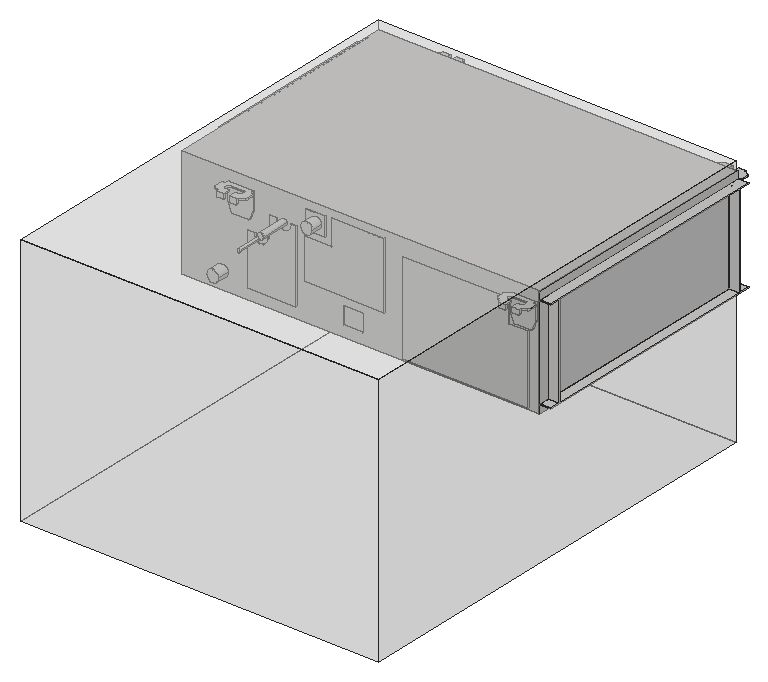
Revit family "outputfile", category 機械設備, Revit 2024
Family settings
  丸型コネクタ寸法 = 半径を使用
  パーツ タイプ = 標準
  OmniClass 番号 = 23.75.10.24.21.27.27
  OmniClass タイトル = Split System Air Conditioning Units
  作業面ベース = いいえ
  常に垂直 = はい
  ロード時にボイドで切り取り = いいえ
  注釈の向きを維持 = いいえ
  共有 = いいえ
  部屋計算ポイント = はい
Parameters (values of type "FXSA25AVM4")
  製造元 = "Daikin"
  書き出し IFC クラス(タイプ) = "IfcUnitaryEquipmentType"
  定義済み IFC タイプ(タイプ) = "AIRCONDITIONINGUNIT"
  モデル = "FXSA25AVM4"
  switch_frequency = yes
  r_Liquid Pipe Size = Liquid Pipe Size / 2  # 3.2 mm
  r_Gas Pipe Size = Gas Pipe Size / 2  # 6.35 mm
  r_Drain Pipe Size = Drain Pipe Size / 2  # 12.5 mm
  lw_power = 770.0 mm
  lh_SA = 138.0 mm
  lw_SA = if(Width = 550.0 mm, 225.0 mm, if(Width = 700.0 mm, 300.0 mm, if(Width = 1000.0 mm, 450.0 mm, if(Width = 1400.0 mm, 650.0 mm, 725.0 mm))))  # 225.0 mm
  lw_RA = if(Width = 550.0 mm, 275.0 mm, if(Width = 700.0 mm, 349.0 mm, if(Width = 1000.0 mm, 499.0 mm, if(Width = 1400.0 mm, 699.0 mm, 775.0 mm))))  # 275.0 mm
  lh_power = 60.0 mm + [h***]  # 60.0 mm
  lh_mountinghole1 = lh_mountinghole + [h***]  # 222.0 mm
  lh_RA = 123.0 mm
  ld_power = Width / 2  # 275.0 mm
  connector_voltage = Voltage_50Hz  # 220 V
  connector_powerinput = [Power Input (Cooling)]  # 0.058 kW
  connector_phase = Phase_50Hz  # 1
  Voltage_comment_60Hz = "220"
  Voltage_comment_50Hz = "220-240"
  Voltage_60Hz = 220 V
  Voltage_50Hz = 220 V
  Total Heating Capacity [instance] = 0.000 kW
  Supply Air Direction [instance] = yes
  Sound Power Level_H speed (dB) = 61
  Power Input (Heating) = 0.053 kW
  Phase_60Hz = 1
  Phase_50Hz = 1
  Nominal Heating Capacity = 3.200 kW
  Minimum External Static Pressure = 30.00 Pa
  Minimum Circuit Amps_60Hz = 0.8 A
  Minimum Circuit Amps_50Hz = 0.8 A
  Maximum Fuse Amps_60Hz = 16.0 A
  Maximum Fuse Amps_50Hz = 16.0 A
  Maximum External Static Pressure = 150.00 Pa
  Material_Casing = DAIKIN_GalvanizedSteel_Casing_indoorunit
  lw_mountinghole = 630.0 mm
  lh_gaspipe = 183.0 mm + [h***]  # 183.0 mm
  lh_mountinghole = 222.0 mm
  lh_liquidpipe = 136.0 mm + [h***]  # 136.0 mm
  lh_drainpipe = 207.0 mm + [h***]  # 207.0 mm
  lh_antena = Height - lh_mountinghole + 1.0 mm  # 24.0 mm
  ld_drainpipe = Width / 2 + 26.0 mm  # 301.0 mm
  ld_liquidpipe = 339.0 mm
  ld_gaspipe = Width / 2 + 65.0 mm  # 340.0 mm
  ld_mountinghole = Width + 38.0 mm  # 588.0 mm
  h*** = 0.0 mm
  lw_liquidpipe = 179.0 mm
  lw_gaspipe = 229.0 mm
  lw_drainpipe = 300.0 mm
  Width = 550.0 mm
  Version = "ver.1.0"
  Unit Type = "Duct_M.S.P."
  Unit Mass Weight = 25.00 kg
  Unit Designation [instance] = ""
  Uniclass2015Version = "Products v1.30"
  Uniclass2015Title = "Variable refrigerant flow units"
  Uniclass2015Code = "Pr_70_65_03_94"
  Total Cooling Capacity [instance] = 0.000 kW
  Sound Pressure Level_M speed (dBA) = 30
  Sound Pressure Level_L speed (dBA) = 28
  Sound Pressure Level_H speed (dBA) = 33
  Series = "VRV Fan Coil Unit"
  Sensible Cooling Capacity [instance] = 0.000 kW
  SA Duct Size Width = 337.0 mm
  SA Duct Size Height = 176.0 mm
  Refrigerant Type = "R32"
  RA Duct Size Width = 502.0 mm
  RA Duct Size Height = 208.0 mm
  Power Input (Cooling) = 0.058 kW
  Option Accessory 3 [instance] = ""
  Option Accessory 2 [instance] = ""
  Option Accessory 1 [instance] = ""
  Nominal Cooling Capacity = 2.800 kW
  Minimum Airflow = 390.00 m³/h
  Median Airflow = 450.00 m³/h
  Maximum Airflow = 540.00 m³/h
  Load Classification = HVAC
  Liquid Pipe Size = 6.4 mm
  Link_Nested Family [instance] = ""
  IfcVersion = ""
  IfcExportType = "AIRCONDITIONINGUNIT"
  IfcExportAs = "IfcUnitaryEquipmentType"
  Height = 245.0 mm
  Heating Entering Wet Bulb Temperature [instance] = -273.15 °C
  Heating Entering Dry Bulb Temperature [instance] = -273.15 °C
  Heating Ambient Wet Bulb Temperature [instance] = -273.15 °C
  Heating Ambient Dry Bulb Temperature [instance] = -273.15 °C
  Heat Exchanger Type = "Cross Fin Coil"
  Gas Pipe Size = 12.7 mm
  Frequency_60Hz = 60 Hz
  Frequency_50Hz = 50 Hz
  Fan Type = "Sirocco Fan"
  Fan Drive = "Direct Drive"
  FCU Tag No. [instance] = ""
  Drain Pipe Size = 25.0 mm
  Design Supply Airflow [instance] = 0.00 m³/h
  Design Return Airflow [instance] = 0.00 m³/h
  Design External Static Pressure [instance] = 0.00 Pa
  Depth = 800.0 mm
  既定の高さ = 0.0 mm
  Cooling Entering Wet Bulb Temperature [instance] = 0.00 °C
  Cooling Entering Dry Bulb Temperature [instance] = 0.00 °C
  Cooling Ambient Wet Bulb Temperature [instance] = 0.00 °C
  Cooling Ambient Dry Bulb Temperature [instance] = 0.00 °C
  Clearance visibility [instance] = yes
  Clearance Top = 20.0 mm
  Clearance Right = 0.0 mm
  Clearance Rear = 0.0 mm
  Clearance Left = 0.0 mm
  Clearance Front = 450.0 mm
  Clearance Bottom = 300.0 mm
Reference planes
  plane 1 "Center (Front/Back)": y = 0
  plane 2 "h": z = 0
  plane 3 "Center (Left/Right)": x = 0
  plane 4 "Back": y = 275
  plane 5 "Front": y = -275
  plane 6 "Left": x = -400
  plane 7 "Right": x = 400
  plane 8 "Top": z = 0
  plane 9 "Bottom": z = -245
  plane 10: y = -215
  plane 11: y = 275
  plane 12: y = -725
  plane 13: x = -400
  plane 14: x = 400
  plane 15: z = 20
  plane 16: z = -545
  plane 17: x = -400
  plane 18: x = -399
  plane 19: x = 399
  plane 20: y = 50
  plane 21: y = 0
  plane 22: z = -122
  plane 23: y = -276
  plane 24: z = -109
  plane 25: x = -221
  plane 26: y = -340
  plane 27: z = -62
  plane 28: x = -171
  plane 29: y = -301
  plane 30: z = -38
  plane 31: x = -100
  plane 32: x = -100
  plane 33: x = -221
  plane 34: x = -171
  plane 35: x = 370
  plane 36: x = -266
  plane 37: x = 364
  plane 38: y = -294
  plane 39: y = 294
  plane 40: z = -23
  plane 41: z = -107
  plane 42: y = -339
  plane 43: z = -207
  plane 44: x = -309
  plane 45: y = -376
  plane 46: x = -251
  plane 47: x = -203
  plane 48: x = -144
  plane 49: z = -59
  plane 50: z = -106
  plane 51: z = -221
  plane 52: z = -109
  plane 53: x = -221
  plane 54: z = -62
  plane 55: x = -171
  plane 56: z = -17
  plane 57: z = -59
  plane 58: x = -121
  plane 59: x = -79
  plane 60: x = -125
  plane 61: x = -64
  plane 62: x = 53
  plane 63: z = -164
  plane 64: z = -73
  plane 65: z = -16
  plane 66: x = 93.5
  plane 67: x = 374.5
  plane 68: x = 330
  plane 69: z = -88.5
  plane 70: z = -38
  plane 71: z = -242.5
  plane 72: x = -38.5
  plane 73: x = 6.5
  plane 74: z = -181
  plane 75: z = -221
  plane 76: y = -274
  plane 77: x = -424
  plane 78: x = 424
Forms (mm)
  Extrusion 1, solid, material "DAIKIN_GalvanizedSteel_Casing_indoorunit" <- "Material_Casing"
    sketch origin (0, 0, 0) x (1, 0, 0) y (0, 1, 0)
      loop
        line (-399, 275) -> (-399, -275) -> (399, -275) -> (399, 275) -> (-399, 275)
    from -245 to 0
  Extrusion 2, solid, material "DAIKIN_GalvanizedSteel_Casing_indoorunit" <- "Material_Casing"
    sketch origin (0, 0, 0) x (1, 0, 0) y (0, 0, 1)
      loop
        line (-251, -221) -> (-144, -221) -> (-144, -59) -> (-154.47, -59)
        arc (-154.47, -59) -> (-171, -78.8) -> (-187.53, -59) r 16.8
        line (-187.53, -59) -> (-203, -59) -> (-203, -106) -> (-206.916, -106)
        arc (-206.916, -106) -> (-221, -123.4) -> (-235.084, -106) r 14.4
        line (-235.084, -106) -> (-251, -106) -> (-251, -221)
    from 275 to 276
  Extrusion 3, solid, material "DAIKIN_GalvanizedSteel_Casing_indoorunit" <- "Material_Casing"
    sketch origin (0, 0, 0) x (1, 0, 0) y (0, 0, 1)
      loop
        line (-121, -17) -> (-121, -59) -> (-79, -59) -> (-79, -17) -> (-121, -17)
      loop
        line (-125, -73) -> (-125, -164) -> (53, -164) -> (53, -16) -> (-64, -16) -> (-64, -73) -> (-125, -73)
    from 275 to 276
  Extrusion 4, solid, material "DAIKIN_GalvanizedSteel_Casing_indoorunit" <- "Material_Casing"
    sketch origin (0, 0, 0) x (1, 0, 0) y (0, 0, 1)
      loop
        line (93.5, -38) -> (93.5, -242.5) -> (374.5, -242.5) -> (374.5, -88.5) -> (330, -88.5) -> (330, -38) -> (93.5, -38)
    from 275 to 276
  Extrusion 5, solid, material "DAIKIN_GalvanizedSteel_Casing_indoorunit" <- "Material_Casing"
    sketch origin (0, 0, 0) x (1, 0, 0) y (0, 0, 1)
      loop
        circle (-221, -109) r 3.2
    from 275 to 339
  Extrusion 6, solid, material "DAIKIN_GalvanizedSteel_Casing_indoorunit" <- "Material_Casing"
    sketch origin (0, 0, 0) x (1, 0, 0) y (0, 0, 1)
      loop
        circle (-171, -62) r 6.35
    from 275 to 340
  Extrusion 7, solid, material "DAIKIN_GalvanizedSteel_Casing_indoorunit" <- "Material_Casing"
    sketch origin (0, 0, 0) x (1, 0, 0) y (0, 0, 1)
      loop
        circle (-100, -38) r 12.5
    from 276 to 301
  Extrusion 8, solid, material "DAIKIN_GalvanizedSteel_Casing_indoorunit" <- "Material_Casing"
    sketch origin (0, 0, 0) x (1, 0, 0) y (0, 0, 1)
      loop
        circle (-309, -207) r 13
    from 275 to 301
  Extrusion 9, void
    sketch origin (0, 0, 0) x (1, 0, 0) y (0, 0, 1)
      loop
        line (-38.5, -181) -> (-38.5, -221) -> (6.5, -221) -> (6.5, -181) -> (-38.5, -181)
    from 274 to 275
Cuts and joins
  Extrusion 9 cuts Extrusion 1
Dimensions and locks
  "Height": plane 8 "Top" to plane 9 "Bottom"
  equal spacing: plane 4 "Back", plane 1 "Center (Front/Back)", plane 5 "Front"
  "Width": plane 4 "Back" to plane 5 "Front"
  equal spacing: plane 6 "Left", plane 3 "Center (Left/Right)", plane 7 "Right"
  "Depth": plane 6 "Left" to plane 7 "Right"
  "Clearance Left": plane 13 to plane 6 "Left"
  "Clearance Right": plane 7 "Right" to plane 14
  "Clearance Rear": plane 11 to plane 4 "Back"
  "Clearance Front": plane 5 "Front" to plane 12
  "Clearance Top": plane 15 to plane 8 "Top"
  "Clearance Bottom": plane 9 "Bottom" to plane 16
  locked: plane 17 to plane 18 at 1
  locked: plane 19 to plane 14 at 1
  "lw_SA": plane 11 to plane 20
  "lw_RA": plane 21 to plane 5 "Front"
  "lh_RA": plane 22 to plane 9 "Bottom"
  locked: plane 5 "Front" to plane 23 at 1
  "lw_liquidpipe": plane 25 to plane 6 "Left"
  "lh_liquidpipe": plane 24 to plane 9 "Bottom"
  "lh_gaspipe": plane 27 to plane 9 "Bottom"
  "lw_gaspipe": plane 28 to plane 6 "Left"
  "ld_gaspipe": plane 26 to plane 1 "Center (Front/Back)"
  "ld_drainpipe": plane 29 to plane 1 "Center (Front/Back)"
  "lh_drainpipe": plane 30 to plane 9 "Bottom"
  "lw_drainpipe": plane 31 to plane 6 "Left"
  "lw_drainpipe": plane 6 "Left" to plane 32
  "lw_liquidpipe": plane 6 "Left" to plane 33
  "lw_gaspipe": plane 6 "Left" to plane 34
  "lw_power": plane 6 "Left" to plane 35
  locked: plane 17 to plane 36 at 134
  "lw_mountinghole": plane 36 to plane 37
  equal spacing: plane 38, plane 1 "Center (Front/Back)", plane 39
  "ld_mountinghole": plane 39 to plane 38
  "lh_mountinghole": plane 40 to plane 9 "Bottom"
  "lh_SA": plane 41 to plane 9 "Bottom"
  locked: plane 44 to plane 6 "Left" at 91
  locked: plane 43 to plane 9 "Bottom" at 38
  plane 48 to plane 47 to plane 46 to plane 6 "Left" = 59.0 mm, 48.0 mm, 149.0 mm
  plane 8 "Top" to plane 49 to plane 50 to plane 51 = 59.0 mm locked, 47.0 mm locked, 115.0 mm locked
  plane 55 to plane 53 to plane 6 "Left" = 50.0 mm locked, 179.0 mm locked
  plane 54 to plane 52 to plane 9 "Bottom" = 47.0 mm locked, 136.0 mm locked
  plane 59 to plane 58 to plane 6 "Left" = 42.0 mm locked, 279.0 mm locked
  plane 8 "Top" to plane 56 to plane 57 = 17.0 mm locked, 42.0 mm locked
  plane 62 to plane 61 to plane 60 to plane 6 "Left" = 117.0 mm, 61.0 mm, 275.0 mm
  plane 8 "Top" to plane 65 to plane 64 = 16.0 mm locked, 57.0 mm locked
  locked: plane 65 to plane 63 at 148
  plane 8 "Top" to plane 70 to plane 69 to plane 71 = 38.0 mm locked, 50.5 mm locked, 154.0 mm locked
  plane 67 to plane 68 to plane 66 to plane 6 "Left" = 44.5 mm locked, 236.5 mm locked, 493.5 mm locked
  plane 8 "Top" to plane 74 to plane 75 = 181.0 mm locked, 40.0 mm locked
  plane 73 to plane 72 to plane 6 "Left" = 45.0 mm, 361.5 mm
  locked: plane 76 to plane 5 "Front" at 1
  locked: plane 77 to plane 17 at 24
  locked: plane 14 to plane 78 at 24
  "ld_liquidpipe": plane 42 to plane 1 "Center (Front/Back)"
  "r_Liquid Pipe Size": radius of Extrusion 5 sketch curve
  "r_Gas Pipe Size": radius of Extrusion 6 sketch curve
  "r_Drain Pipe Size": radius of Extrusion 7 sketch curve
  aligned and locked: level to plane 2 "h"
  aligned and locked: plane 8 "Top" to Extrusion 1
  aligned and locked: Extrusion 1 to plane 9 "Bottom"
  aligned and locked: nested 5 to plane 12
  aligned and locked: plane 13 to nested 5
  aligned and locked: plane 14 to nested 5
  aligned and locked: nested 5 to plane 13
  aligned and locked: plane 11 to nested 5
  aligned and locked: plane 15 to nested 5
  aligned and locked: plane 16 to nested 5
  aligned and locked: plane 5 "Front" to Extrusion 1 sketch curve
  aligned and locked: Extrusion 1 to plane 18
  aligned and locked: plane 19 to Extrusion 1
  aligned and locked: nested 7 to plane 18
  aligned and locked: nested 7 to plane 20
  aligned and locked: plane 19 to nested 8
  aligned and locked: plane 21 to nested 8
  aligned and locked: plane 22 to nested 8
  aligned and locked: Extrusion 2 to plane 23
  aligned and locked: plane 5 "Front" to Extrusion 2
  aligned and locked: Extrusion 3 to plane 23
  aligned and locked: plane 5 "Front" to Extrusion 3
  aligned and locked: plane 5 "Front" to Extrusion 4
  aligned and locked: Extrusion 5 sketch curve to plane 25
  aligned and locked: plane 24 to Extrusion 5 sketch curve
  aligned and locked: plane 5 "Front" to Extrusion 5
  aligned and locked: Extrusion 6 sketch curve to plane 28
  aligned and locked: plane 27 to Extrusion 6 sketch curve
  aligned and locked: plane 5 "Front" to Extrusion 6
  aligned and locked: Extrusion 7 sketch curve to plane 31
  aligned and locked: Extrusion 7 sketch curve to plane 30
  aligned and locked: Extrusion 7 to plane 29
  aligned and locked: plane 23 to Extrusion 7
  aligned and locked: nested 3 to plane 29
  aligned and locked: plane 32 to nested 3
  aligned and locked: nested 2 to plane 33
  aligned and locked: nested 1 to plane 34
  aligned and locked: Extrusion 6 to plane 26
  aligned and locked: nested 1 to plane 26
  aligned and locked: nested 6 to plane 5 "Front"
  aligned and locked: plane 35 to nested 6
  aligned and locked: plane 36 to nested 10
  aligned and locked: nested 10 to plane 5 "Front"
  aligned and locked: plane 37 to nested 9
  aligned and locked: nested 9 to plane 5 "Front"
  aligned and locked: nested 11 to plane 36
  aligned and locked: plane 4 "Back" to nested 11
  aligned and locked: nested 12 to plane 37
  aligned and locked: plane 4 "Back" to nested 12
  aligned and locked: plane 40 to nested 10
  aligned and locked: plane 40 to nested 11
  aligned and locked: plane 40 to nested 9
  aligned and locked: plane 40 to nested 12
  aligned and locked: plane 36 to nested 14
  aligned and locked: nested 14 to plane 39
  aligned and locked: plane 37 to nested 13
  aligned and locked: nested 13 to plane 39
  aligned and locked: plane 37 to nested 16
  aligned and locked: plane 38 to nested 16
  aligned and locked: plane 38 to nested 15
  aligned and locked: plane 36 to nested 15
  aligned and locked: plane 17 to plane 6 "Left"
  aligned and locked: plane 41 to nested 7
  aligned and locked: Extrusion 5 to plane 42
  aligned and locked: nested 2 to plane 42
  aligned and locked: Extrusion 8 sketch curve to plane 44
  aligned and locked: plane 43 to Extrusion 8 sketch curve
  aligned and locked: plane 5 "Front" to Extrusion 8
  aligned and locked: Extrusion 3 sketch curve to plane 56
  aligned and locked: Extrusion 3 sketch curve to plane 58
  aligned and locked: plane 57 to Extrusion 3 sketch curve
  aligned and locked: plane 59 to Extrusion 3 sketch curve
  aligned and locked: Extrusion 4 to plane 23
  aligned and locked: Extrusion 9 sketch curve to plane 74
  aligned and locked: plane 75 to Extrusion 9 sketch curve
  aligned and locked: plane 73 to Extrusion 9 sketch curve
  aligned and locked: plane 5 "Front" to Extrusion 9
  aligned and locked: plane 76 to Extrusion 9
  aligned and locked: nested 17 to plane 20
  aligned and locked: nested 17 to plane 77
  aligned and locked: plane 21 to nested 18
  aligned and locked: plane 78 to nested 18
  aligned and locked: plane 41 to nested 17
  aligned and locked: nested 18 to plane 22
  aligned and locked: nested 4 to plane 3 "Center (Left/Right)"
  aligned and locked: plane 1 "Center (Front/Back)" to nested 4
  aligned and locked: level to plane 8 "Top"
  aligned and locked: Extrusion 8 to plane 29
Automatic sketch dimensions
  plane 6 "Left" to Extrusion 1 sketch curve = 1.0 mm
  Extrusion 1 sketch curve to plane 7 "Right" = 1.0 mm
  Extrusion 1 sketch curve to plane 4 "Back" = 0.0 mm
  Extrusion 2 sketch curve to plane 46 = 0.0 mm
  Extrusion 2 sketch curve to plane 33 = 0.0 mm
  Extrusion 2 sketch curve to plane 47 = 0.0 mm
  Extrusion 2 sketch curve to plane 34 = 0.0 mm
  Extrusion 2 sketch curve to plane 48 = 0.0 mm
  Extrusion 2 sketch curve to plane 51 = 0.0 mm
  Extrusion 2 sketch curve to plane 52 = 0.0 mm
  Extrusion 2 sketch curve to plane 50 = 0.0 mm  (x3)
  Extrusion 2 sketch curve to plane 54 = 0.0 mm
  Extrusion 2 sketch curve to plane 49 = 0.0 mm  (x3)
  plane 33 to Extrusion 2 sketch curve = 14.084 mm
  plane 34 to Extrusion 2 sketch curve = 16.53 mm
  Extrusion 3 sketch curve to plane 60 = 0.0 mm
  Extrusion 3 sketch curve to plane 61 = 0.0 mm
  Extrusion 3 sketch curve to plane 62 = 0.0 mm
  Extrusion 3 sketch curve to plane 63 = 0.0 mm
  Extrusion 3 sketch curve to plane 64 = 0.0 mm
  Extrusion 3 sketch curve to plane 65 = 0.0 mm
  Extrusion 4 sketch curve to plane 66 = 0.0 mm
  Extrusion 4 sketch curve to plane 68 = 0.0 mm
  Extrusion 4 sketch curve to plane 67 = 0.0 mm
  Extrusion 4 sketch curve to plane 71 = 0.0 mm
  Extrusion 4 sketch curve to plane 69 = 0.0 mm
  Extrusion 4 sketch curve to plane 70 = 0.0 mm
  Extrusion 9 sketch curve to plane 72 = 0.0 mm
  radius of Extrusion 8 sketch curve = 13.0 mm
Nested families
  nested 1: "daikin_connector_rotate2" at (-171, 0, -62), length <- "ld_gaspipe", built-in parameter 1001364 <- "lh_gaspipe", radius <- "r_Gas Pipe Size", type "daikin_connector_rotate2"
    with radius 6.35 mm, length 340.0 mm, angle_vertical 90.00°
  nested 2: "daikin_connector_rotate2" at (-221, 0, -109), length <- "ld_liquidpipe", built-in parameter 1001364 <- "lh_liquidpipe", radius <- "r_Liquid Pipe Size", type "daikin_connector_rotate2"
    with radius 3.2 mm, length 339.0 mm, angle_vertical 90.00°
  nested 3: "daikin_connector_rotate2" at (-100, 0, -38), length <- "ld_drainpipe", built-in parameter 1001364 <- "lh_drainpipe", radius <- "r_Drain Pipe Size", type "daikin_connector_rotate2"
    with radius 12.5 mm, length 301.0 mm, angle_vertical 90.00°
  nested 4: "daikin_△_symbolicline" at (0, 0, 245) x (0, -1, 0) z (0, 0, 1), built-in parameter 1001364 <- "Height", visible <- "Supply Air Direction", type "daikin_△_symbolicline"
    with length 200.0 mm
  nested 5: "daikin_clearancespace" at (0, -225, -262.381), visible <- "Clearance visibility", show <- "Clearance visibility", Link_Nested Family <- "Link_Nested Family", type "daikin_clearancespace"
    with width 800.0 mm, show yes, height 565.0 mm, depth 1000.0 mm, Link_Nested Family ""
  nested 6: "daikin_connector_rotate2" at (370, 0, -185), built-in parameter 1001364 <- "lh_power", length <- "ld_power", type "daikin_connector_rotate2"
    with radius 10.0 mm, length 275.0 mm, angle_vertical 90.00°
  nested 7: "daikin_ductflange_FXFSA-AVM4_2" at (-399, 50, -107) x (0, -1, 0) z (0, 0, 1), type "daikin_ductflange_FXFSA-AV4_2"
    with width 337.0 mm, w1 24.0 mm, w 550.0 mm
  nested 8: "daikin_ductflange_FXFSA-AVM4" at (399, 0, -122) x (0, 1, 0) z (0, 0, 1), type "daikin_ductflange_FXFSA-AVM4"
    with width 502.0 mm, lw 25.0 mm, w 550.0 mm
  nested 9: "FXFSA-AVM4" at (364, -275, -23), type "daikin_hangerfixture_FXSA-AVM4"
  nested 10: "FXFSA-AVM4" at (-266, -275, -23), type "daikin_hangerfixture_FXSA-AVM4"
  nested 11: "FXFSA-AVM4" at (-266, 275, -23) x (-1, 0, 0) z (0, 0, 1), type "daikin_hangerfixture_FXSA-AVM4"
  nested 12: "FXFSA-AVM4" at (364, 275, -23) x (-1, 0, 0) z (0, 0, 1), type "daikin_hangerfixture_FXSA-AVM4"
  nested 13: "daikin_mountinghole" at (364, 294, -245), h_mountinghole <- "lh_mountinghole1", l_antenna <- "lh_antena", Link_Nested Family <- "Link_Nested Family", type "daikin_mountinghole"
    with show yes, l_antenna 24.0 mm, h_mountinghole 222.0 mm, Link_Nested Family ""
  nested 14: "daikin_mountinghole" at (-266, 294, -245), h_mountinghole <- "lh_mountinghole1", l_antenna <- "lh_antena", Link_Nested Family <- "Link_Nested Family", type "daikin_mountinghole"
    with show yes, l_antenna 24.0 mm, h_mountinghole 222.0 mm, Link_Nested Family ""
  nested 15: "daikin_mountinghole" at (-266, -294, -245), h_mountinghole <- "lh_mountinghole1", l_antenna <- "lh_antena", Link_Nested Family <- "Link_Nested Family", type "daikin_mountinghole"
    with show yes, l_antenna 24.0 mm, h_mountinghole 222.0 mm, Link_Nested Family ""
  nested 16: "daikin_mountinghole" at (364, -294, -245), h_mountinghole <- "lh_mountinghole1", l_antenna <- "lh_antena", Link_Nested Family <- "Link_Nested Family", type "daikin_mountinghole"
    with show yes, l_antenna 24.0 mm, h_mountinghole 222.0 mm, Link_Nested Family ""
  nested 17: "daikin_connector_rotate2" at (-400, 50, -107) x (0, -1, 0) z (0, 0, 1), type "daikin_connector_rotate2"
    with radius 10.0 mm, length 24.0 mm, angle_vertical 90.00°
  nested 18: "daikin_connector_rotate2" at (400, 0, -122) x (0, 1, 0) z (0, 0, 1), type "daikin_connector_rotate2"
    with radius 10.0 mm, length 24.0 mm, angle_vertical 90.00°
Connectors
  piping at (-100, -301, -38), diameter 25, driven by "r_Drain Pipe Size"
    settings: on nested 3, index 3, connector inside diameter 609.6 mm, connector length 0.0 mm, flow factor 0, pipe flow 0.00 m³/h, pressure drop 0.0 Pa, fitting loss kfactor 0, connector angle 0.00°, fixture units 0, engagement length 0.0 mm, angle of deflection 0.00°, flow configuration 1, flow direction 2, fitting loss method 4, system type 16, joint type 0, gender type 0, connector reference index -1, connector utility 0, adjustable connector no, is connector primary yes, connector description "Condensate Drain Piping"
  piping at (-171, -340, -62), diameter 12.7, driven by "r_Gas Pipe Size"
    settings: on nested 1, index 4, connector inside diameter 609.6 mm, connector length 0.0 mm, flow factor 0, pipe flow 0.00 m³/h, pressure drop 0.0 Pa, fitting loss kfactor 0, connector angle 0.00°, fixture units 0, engagement length 0.0 mm, angle of deflection 0.00°, flow configuration 1, flow direction 2, fitting loss method 0, system type 29, joint type 0, gender type 0, connector reference index -1, connector utility 0, adjustable connector no, is connector primary no, connector description "Refrigerant Gas Piping"
  piping at (-221, -339, -109), diameter 6.4, driven by "r_Liquid Pipe Size"
    settings: on nested 2, index 5, connector inside diameter 609.6 mm, connector length 0.0 mm, flow factor 0, pipe flow 0.00 m³/h, pressure drop 0.0 Pa, fitting loss kfactor 0, connector angle 0.00°, fixture units 0, engagement length 0.0 mm, angle of deflection 0.00°, flow configuration 1, flow direction 1, fitting loss method 0, system type 29, joint type 0, gender type 0, connector reference index -1, connector utility 0, adjustable connector no, is connector primary no, connector description "Refrigerant Liquid Piping"
  electrical at (370, -275, -185), driven by "Load Classification", driven by "connector_voltage", driven by "connector_phase", driven by "connector_powerinput"
    settings: on nested 6, index 6, voltage 220 V, apparent load 58 VA, apparent load phase1 0 VA, apparent load phase2 0 VA, apparent load phase3 0 VA, power factor 1, load classification "HVAC", number of poles 1, system type 30, power factor state 1, is connector primary yes, connector utility no, sub classification motor no, connector description "Power Supply"
  hvac at (-424, 50, -107), driven by "SA Duct Size Height", driven by "SA Duct Size Width"
    settings: on nested 17, index 7, duct flow 0.00 m³/h, flow factor 0, pres drop 0.00 Pa, loss coef 0, conn angle 0.00°, conn width 337.0 mm, conn height 176.0 mm, conn diameter 609.6 mm, duct sys type 1, conn prof type 1, flow config 0, flow direction 2, loss method 4, conn ref index -1, conn util no, is conn primary yes, conn desc "SA Duct"
  hvac at (424, 0, -122), driven by "RA Duct Size Height", driven by "RA Duct Size Width"
    settings: on nested 18, index 8, duct flow 0.00 m³/h, flow factor 0, pres drop 0.00 Pa, loss coef 0, conn angle 0.00°, conn width 502.0 mm, conn height 208.0 mm, conn diameter 609.6 mm, duct sys type 2, conn prof type 1, flow config 0, flow direction 1, loss method 4, conn ref index -1, conn util no, is conn primary no, conn desc "RA Duct"
Definition of nested family "daikin_clearancespace"
  Parameters (values of type "daikin_clearancespace")
    Description = "daikin_clearancespace"
    width [instance] = 1823.963 mm
    show [instance] = yes
    material = none
    height [instance] = 1359.762 mm
    depth [instance] = 880.0 mm
    Default Elevation = 0.0 mm
    Link_Nested Family [instance] = ""
  Reference planes
    plane 1 "Center (Front/Back)": y = 0
    plane 2 "Center (Elevation)": z = -0.119
    plane 3 "Center (Left/Right)": x = 0
    plane 4: y = 440
    plane 5: y = -440
    plane 6 "Right": x = 911.982
    plane 7 "Left": x = -911.982
    plane 8 "Top": z = 679.762
    plane 9 "Bottom": z = -680
  Forms (mm)
    Extrusion 1, solid, material <- "material", visible <- "show"
      sketch origin (0, 0, 0) x (1, 0, 0) y (0, 1, 0)
        loop
          line (-911.982, 440) -> (-911.982, -440) -> (911.982, -440) -> (911.982, 440) -> (-911.982, 440)
      from -680 to 679.762
  Lines and regions (mm)
    symbolic lines, visible <- "show"
      curve 1: line (911.982, 440, 0) -> (-911.982, 440, 0)
      curve 2: line (-911.982, 440, 0) -> (-911.982, -440, 0)
      curve 3: line (-911.982, -440, 0) -> (911.982, -440, 0)
      curve 4: line (911.982, -440, 0) -> (911.982, 440, 0)
      curve 5: line (911.982, 0, 679.762) -> (-911.982, 0, 679.762)
      curve 6: line (911.982, 0, -680) -> (911.982, 0, 679.762)
      curve 7: line (-911.982, 0, -680) -> (911.982, 0, -680)
      curve 8: line (-911.982, 0, 679.762) -> (-911.982, 0, -680)
      curve 9: line (0, 440, 679.762) -> (0, -440, 679.762)
      curve 10: line (0, -440, 679.762) -> (0, -440, -680)
      curve 11: line (0, 440, -680) -> (0, 440, 679.762)
      curve 12: line (0, -440, -680) -> (0, 440, -680)
  Dimensions and locks
    "width": plane 7 "Left" to plane 6 "Right"
    "depth": plane 4 to plane 5
    "height": plane 8 "Top" to plane 9 "Bottom"
    equal spacing: plane 7 "Left", plane 3 "Center (Left/Right)", plane 6 "Right"
    equal spacing: plane 4, plane 1 "Center (Front/Back)", plane 5
    equal spacing: plane 8 "Top", plane 2 "Center (Elevation)", plane 9 "Bottom"
    aligned and locked: level to plane 2 "Center (Elevation)"
    aligned and locked: Extrusion 1 sketch curve to plane 4
    aligned and locked: plane 7 "Left" to Extrusion 1 sketch curve
    aligned and locked: Extrusion 1 sketch curve to plane 5
    aligned and locked: Extrusion 1 sketch curve to plane 6 "Right"
    aligned and locked: plane 8 "Top" to Extrusion 1
    aligned and locked: curve 1 to Extrusion 1
    aligned and locked: curve 2 to Extrusion 1
    aligned and locked: curve 3 to Extrusion 1
    aligned and locked: curve 4 to Extrusion 1
    aligned and locked: curve 5 to Extrusion 1
    aligned and locked: curve 6 to Extrusion 1
    aligned and locked: curve 7 to Extrusion 1
    aligned and locked: curve 8 to Extrusion 1
    aligned and locked: curve 9 to Extrusion 1
    aligned and locked: curve 10 to Extrusion 1
    aligned and locked: curve 11 to Extrusion 1
    aligned and locked: curve 12 to Extrusion 1
    aligned and locked: Extrusion 1 to plane 9 "Bottom"
Definition of nested family "daikin_ductflange_FXFSA-AVM4_2"
  Parameters (values of type "daikin_ductflange_FBA-BVMA2")
    width = if(w = 550.0 mm, 337.0 mm, if(w = 700.0 mm, 492.0 mm, if(w = 1000.0 mm, 792.0 mm, if(w = 1400.0 mm, 1192.0 mm, 1337.0 mm))))  # 492.0 mm
    w1 = if(w = 550.0 mm, 24.0 mm, if(w = 700.0 mm, 21.5 mm, if(w = 1000.0 mm, 21.5 mm, if(w = 1400.0 mm, 21.5 mm, 24.0 mm))))  # 21.5 mm
    material = none
    height = 215.0 mm
    depth = 1.0 mm
    w = 700.0 mm
    Default Elevation = 0.0 mm
  Reference planes
    plane 1 "Center (Front/Back)": y = 0
    plane 2: z = 0
    plane 3 "Center (Left/Right)": x = 0
    plane 4: z = 88
    plane 5: z = -88
    plane 6: y = -25
    plane 7: z = 106
    plane 8: z = 89
    plane 9: y = -1
    plane 10: x = -267.5
    plane 11: x = 267.5
    plane 12: z = -106
    plane 13: z = -89
    plane 14: y = -1
    plane 15: x = 246
    plane 16: x = -246
    plane 17: x = 247
    plane 18: z = 87
    plane 19: z = -87
    plane 20: x = -247
    plane 21: z = 87
    plane 22: z = -87
    plane 23: y = -1
  Forms (mm)
    Extrusion 1, solid, material <- "material"
      sketch origin (0, 0, 0) x (0, 1, 0) y (0, 0, 1)
        loop
          line (-25, 88) -> (0, 88) -> (0, 106) -> (-1, 106) -> (-1, 89) -> (-25, 89) -> (-25, 88)
      from -267.5 to 267.5
    Extrusion 2, solid, material <- "material"
      sketch origin (0, 0, 0) x (0, 1, 0) y (0, 0, 1)
        loop
          line (-25, -88) -> (-25, -89) -> (-1, -89) -> (-1, -106) -> (0, -106) -> (0, -88) -> (-25, -88)
      from -267.5 to 267.5
    Extrusion 3, solid, material <- "material"
      sketch origin (0, 0, 0) x (1, 0, 0) y (0, 0, 1)
        loop
          line (246, 88) -> (246, -88) -> (267.5, -88) -> (267.5, -87) -> (247, -87) -> (247, 87) -> (267.5, 87) -> (267.5, 88) -> (246, 88)
      from 0 to 25
    Extrusion 4, solid, material <- "material"
      sketch origin (0, 0, 0) x (1, 0, 0) y (0, 0, 1)
        loop
          line (-267.5, 88) -> (-267.5, 87) -> (-247, 87) -> (-247, -87) -> (-267.5, -87) -> (-267.5, -88) -> (-246, -88) -> (-246, 88) -> (-267.5, 88)
      from 0 to 25
    Extrusion 5, solid, material <- "material"
      sketch origin (0, 0, 0) x (1, 0, 0) y (0, 0, 1)
        loop
          line (-267.5, 88) -> (-267.5, -88) -> (-246, -88) -> (-246, 88) -> (-267.5, 88)
        loop
          line (267.5, 88) -> (246, 88) -> (246, -88) -> (267.5, -88) -> (267.5, 88)
      from 0 to 1
  Cuts and joins
    joined: Extrusion 1, Extrusion 2, Extrusion 3, Extrusion 4, Extrusion 5
  Dimensions and locks
    plane 4 to level to plane 5 = 88.0 mm, 88.0 mm
    locked: plane 6 to plane 1 "Center (Front/Back)" at 25
    locked: plane 9 to plane 1 "Center (Front/Back)" at 1
    locked: plane 8 to plane 4 at 1
    "w1": plane 16 to plane 10
    locked: plane 17 to plane 15 at 1
    locked: plane 4 to plane 18 at 1
    locked: plane 19 to plane 5 at 1
    "width": plane 15 to plane 16
    plane 4 to plane 5 = 176.0 mm
    locked: plane 16 to plane 20 at 1
    locked: plane 4 to plane 21 at 1
    locked: plane 22 to plane 5 at 1
    locked: plane 23 to plane 1 "Center (Front/Back)" at 1
    plane 4 to level to plane 5 = 88.0 mm locked, 88.0 mm locked
    locked: plane 5 to plane 13 at 1
    locked: plane 5 to plane 12 at 18
    locked: plane 7 to plane 4 at 18
    equal spacing: plane 15, plane 3 "Center (Left/Right)", plane 16
    "w1": plane 11 to plane 15
    plane 11 to plane 10 = 535.0 mm
    aligned and locked: level to plane 2
    aligned and locked: Extrusion 1 to plane 10
    aligned and locked: plane 11 to Extrusion 1
    aligned and locked: plane 5 to Extrusion 2
    aligned and locked: Extrusion 2 to plane 1 "Center (Front/Back)"
    aligned and locked: plane 15 to Extrusion 3 sketch curve
    aligned and locked: Extrusion 3 sketch curve to Extrusion 2  (x2)
    aligned and locked: Extrusion 3 sketch curve to plane 11
    aligned and locked: plane 6 to Extrusion 3
    aligned and locked: Extrusion 2 to plane 10
    aligned and locked: plane 11 to Extrusion 2
    aligned and locked: Extrusion 4 sketch curve to Extrusion 1  (x2)
    aligned and locked: plane 5 to Extrusion 4 sketch curve
    aligned and locked: Extrusion 4 sketch curve to plane 16
    aligned and locked: Extrusion 4 sketch curve to plane 22
    aligned and locked: plane 20 to Extrusion 4 sketch curve
    aligned and locked: plane 21 to Extrusion 4 sketch curve
    aligned and locked: Extrusion 4 to plane 1 "Center (Front/Back)"
    aligned and locked: plane 6 to Extrusion 4
    aligned and locked: Extrusion 5 sketch curve to Extrusion 1  (x4)
    aligned and locked: Extrusion 5 sketch curve to Extrusion 4  (x2)
    aligned and locked: Extrusion 5 sketch curve to Extrusion 3  (x2)
    aligned and locked: Extrusion 5 to plane 1 "Center (Front/Back)"
    aligned and locked: plane 23 to Extrusion 5
  Automatic sketch dimensions
    Extrusion 1 sketch curve to plane 6 = 0.0 mm
    Extrusion 1 sketch curve to plane 7 = 0.0 mm
    Extrusion 1 sketch curve to plane 9 = 0.0 mm
    Extrusion 1 sketch curve to plane 1 "Center (Front/Back)" = 0.0 mm
    Extrusion 1 sketch curve to plane 4 = 0.0 mm
    Extrusion 1 sketch curve to plane 8 = 0.0 mm
    Extrusion 2 sketch curve to plane 6 = 0.0 mm
    plane 12 to Extrusion 2 sketch curve = 0.0 mm
    Extrusion 2 sketch curve to plane 14 = 0.0 mm
    Extrusion 2 sketch curve to plane 1 "Center (Front/Back)" = 0.0 mm
    plane 13 to Extrusion 2 sketch curve = 0.0 mm
    Extrusion 2 sketch curve to plane 5 = 0.0 mm
    Extrusion 3 sketch curve to plane 17 = 0.0 mm
    Extrusion 3 sketch curve to plane 19 = 0.0 mm
    Extrusion 3 sketch curve to plane 18 = 0.0 mm
    Extrusion 3 sketch curve to plane 4 = 0.0 mm
    Extrusion 4 sketch curve to plane 10 = 0.0 mm
Definition of nested family "daikin_ductflange_FXFSA-AVM4"
  Parameters (values of type "daikin_ductflange_FBFC-DVMG")
    width = if(w = 550.0 mm, 502.0 mm, if(w = 700.0 mm, 654.0 mm, if(w = 1000.0 mm, 952.0 mm, if(w = 1400.0 mm, 1352.0 mm, 1502.0 mm))))  # 654.0 mm
    material = none
    lw = if(width = 654.0 mm, 23.0 mm, 25.0 mm)  # 23.0 mm
    height = 208.0 mm
    depth = 1.0 mm
    w = 700.0 mm
    Default Elevation = 0.0 mm
  Reference planes
    plane 1 "Center (Front/Back)": y = 0
    plane 2: z = 0
    plane 3 "Center (Left/Right)": x = 0
    plane 4: z = 104
    plane 5: z = -104
    plane 6: y = -25
    plane 7: z = 121
    plane 8: z = 105
    plane 9: y = -1
    plane 10: x = -350
    plane 11: x = 350
    plane 12: z = -122
    plane 13: z = -105
    plane 14: y = -1
    plane 15: x = 327
    plane 16: x = -327
    plane 17: x = 328
    plane 18: z = 103
    plane 19: z = -103
    plane 20: x = -328
    plane 21: z = 103
    plane 22: z = -103
    plane 23: y = -1
  Forms (mm)
    Extrusion 1, solid, material <- "material"
      sketch origin (0, 0, 0) x (0, 1, 0) y (0, 0, 1)
        loop
          line (-25, 104) -> (0, 104) -> (0, 121) -> (-1, 121) -> (-1, 105) -> (-25, 105) -> (-25, 104)
      from -350 to 350
    Extrusion 2, solid, material <- "material"
      sketch origin (0, 0, 0) x (0, 1, 0) y (0, 0, 1)
        loop
          line (-25, -104) -> (-25, -105) -> (-1, -105) -> (-1, -122) -> (0, -122) -> (0, -104) -> (-25, -104)
      from -350 to 350
    Extrusion 3, solid, material <- "material"
      sketch origin (0, 0, 0) x (1, 0, 0) y (0, 0, 1)
        loop
          line (327, 104) -> (327, -104) -> (350, -104) -> (350, -103) -> (328, -103) -> (328, 103) -> (350, 103) -> (350, 104) -> (327, 104)
      from 0 to 25
    Extrusion 4, solid, material <- "material"
      sketch origin (0, 0, 0) x (1, 0, 0) y (0, 0, 1)
        loop
          line (-350, 104) -> (-350, 103) -> (-328, 103) -> (-328, -103) -> (-350, -103) -> (-350, -104) -> (-327, -104) -> (-327, 104) -> (-350, 104)
      from 0 to 25
    Extrusion 5, solid, material <- "material"
      sketch origin (0, 0, 0) x (1, 0, 0) y (0, 0, 1)
        loop
          line (-350, 104) -> (-350, -104) -> (-327, -104) -> (-327, 104) -> (-350, 104)
        loop
          line (350, 104) -> (327, 104) -> (327, -104) -> (350, -104) -> (350, 104)
      from 0 to 1
  Cuts and joins
    joined: Extrusion 1, Extrusion 2, Extrusion 3, Extrusion 4, Extrusion 5
  Dimensions and locks
    plane 4 to level to plane 5 = 104.0 mm, 104.0 mm
    locked: plane 6 to plane 1 "Center (Front/Back)" at 25
    locked: plane 9 to plane 1 "Center (Front/Back)" at 1
    locked: plane 8 to plane 4 at 1
    "lw": plane 11 to plane 15
    "lw": plane 16 to plane 10
    locked: plane 17 to plane 15 at 1
    locked: plane 4 to plane 18 at 1
    locked: plane 19 to plane 5 at 1
    "width": plane 15 to plane 16
    equal spacing: plane 15, plane 3 "Center (Left/Right)", plane 16
    locked: plane 16 to plane 20 at 1
    locked: plane 4 to plane 21 at 1
    locked: plane 22 to plane 5 at 1
    locked: plane 23 to plane 1 "Center (Front/Back)" at 1
    locked: plane 7 to plane 4 at 17
    locked: plane 1 "Center (Front/Back)" to plane 14 at 1
    locked: plane 5 to plane 13 at 1
    "height": plane 4 to plane 5
    plane 11 to plane 10 = 700.0 mm
    locked: plane 12 to plane 13 at 17
    equal spacing: plane 4, level, plane 5
    aligned and locked: level to plane 2
    aligned and locked: Extrusion 1 to plane 10
    aligned and locked: plane 11 to Extrusion 1
    aligned and locked: plane 5 to Extrusion 2
    aligned and locked: Extrusion 2 to plane 1 "Center (Front/Back)"
    aligned and locked: plane 15 to Extrusion 3 sketch curve
    aligned and locked: Extrusion 3 sketch curve to Extrusion 2  (x2)
    aligned and locked: Extrusion 3 sketch curve to plane 11
    aligned and locked: plane 6 to Extrusion 3
    aligned and locked: Extrusion 2 to plane 10
    aligned and locked: plane 11 to Extrusion 2
    aligned and locked: Extrusion 4 sketch curve to Extrusion 1  (x2)
    aligned and locked: plane 5 to Extrusion 4 sketch curve
    aligned and locked: Extrusion 4 sketch curve to plane 16
    aligned and locked: Extrusion 4 sketch curve to plane 22
    aligned and locked: plane 20 to Extrusion 4 sketch curve
    aligned and locked: plane 21 to Extrusion 4 sketch curve
    aligned and locked: Extrusion 4 to plane 1 "Center (Front/Back)"
    aligned and locked: plane 6 to Extrusion 4
    aligned and locked: Extrusion 5 sketch curve to Extrusion 1  (x4)
    aligned and locked: Extrusion 5 sketch curve to Extrusion 4  (x2)
    aligned and locked: Extrusion 5 sketch curve to Extrusion 3  (x2)
    aligned and locked: Extrusion 5 to plane 1 "Center (Front/Back)"
    aligned and locked: plane 23 to Extrusion 5
  Automatic sketch dimensions
    Extrusion 1 sketch curve to plane 6 = 0.0 mm
    Extrusion 1 sketch curve to plane 7 = 0.0 mm
    Extrusion 1 sketch curve to plane 9 = 0.0 mm
    Extrusion 1 sketch curve to plane 1 "Center (Front/Back)" = 0.0 mm
    Extrusion 1 sketch curve to plane 4 = 0.0 mm
    Extrusion 1 sketch curve to plane 8 = 0.0 mm
    Extrusion 2 sketch curve to plane 6 = 0.0 mm
    plane 12 to Extrusion 2 sketch curve = 0.0 mm
    Extrusion 2 sketch curve to plane 14 = 0.0 mm
    Extrusion 2 sketch curve to plane 1 "Center (Front/Back)" = 0.0 mm
    plane 13 to Extrusion 2 sketch curve = 0.0 mm
    Extrusion 2 sketch curve to plane 5 = 0.0 mm
    Extrusion 3 sketch curve to plane 17 = 0.0 mm
    Extrusion 3 sketch curve to plane 19 = 0.0 mm
    Extrusion 3 sketch curve to plane 18 = 0.0 mm
    Extrusion 3 sketch curve to plane 4 = 0.0 mm
    Extrusion 4 sketch curve to plane 10 = 0.0 mm
Definition of nested family "FXFSA-AVM4"
  Parameters (values of type "daikin_hangerfixture_FXMQ-PAVE")
    width = 72.0 mm
    material = none
    height = 60.0 mm
    depth = 41.0 mm
    Default Elevation = 0.0 mm
  Reference planes
    plane 1 "Center (Front/Back)": y = 0
    plane 2: z = 0
    plane 3 "Center (Left/Right)": x = 0
    plane 4: y = 417.146
    plane 5: y = -41
    plane 6: x = -36
    plane 7: x = 36
    plane 8: z = -2.3
    plane 9: z = -60
    plane 10: y = -2.3
    plane 11: z = -12
    plane 12: y = -38.7
  Forms (mm)
    Extrusion 1, solid, material <- "material"
      sketch origin (0, 0, 0) x (1, 0, 0) y (0, 1, 0)
        loop
          line (-28, 0) -> (-28, -5)
          arc (-28, -5) -> (-29.127, -8.162) -> (-32, -9.899) r 5
          arc (-32, -9.899) -> (-34.873, -11.636) -> (-36, -14.798) r 5
          line (-36, -14.798) -> (-36, -27.178)
          arc (-36, -27.178) -> (-35.429, -29.499) -> (-33.846, -31.289) r 5
          line (-33.846, -31.289) -> (-23, -38.798) -> (-23, -41.098) -> (-6.5, -41.098) -> (-6.5, -28.498)
          arc (-6.5, -28.498) -> (-7.379, -26.377) -> (-9.5, -25.498) r 3
          line (-9.5, -25.498) -> (-13.5, -25.498)
          arc (-13.5, -25.498) -> (-20, -18.998) -> (-13.5, -12.498) r 6.5
          line (-13.5, -12.498) -> (13.5, -12.498)
          arc (13.5, -12.498) -> (20, -18.998) -> (13.5, -25.498) r 6.5
          line (13.5, -25.498) -> (9.5, -25.498)
          arc (9.5, -25.498) -> (7.379, -26.377) -> (6.5, -28.498) r 3
          line (6.5, -28.498) -> (6.5, -41.098) -> (23, -41.098) -> (23, -38.798) -> (33.846, -31.289)
          arc (33.846, -31.289) -> (35.429, -29.499) -> (36, -27.178) r 5
          line (36, -27.178) -> (36, -14.596)
          arc (36, -14.596) -> (34.873, -11.434) -> (32, -9.697) r 5
          arc (32, -9.697) -> (29.127, -7.96) -> (28, -4.798) r 5
          line (28, -4.798) -> (28, 0) -> (-28, 0)
      from 0 to -2.3
    Extrusion 2, solid, material <- "material"
      sketch origin (0, 0, 0) x (1, 0, 0) y (0, 0, 1)
        loop
          line (28, -39.037) -> (28, 0) -> (-28, 0) -> (-28, -39.037)
          arc (-28, -39.037) -> (-27.91, -39.983) -> (-27.642, -40.894) r 5
          line (-27.642, -40.894) -> (-21.257, -56.857)
          arc (-21.257, -56.857) -> (-19.418, -59.14) -> (-16.615, -60) r 5
          line (-16.615, -60) -> (16.615, -60)
          arc (16.615, -60) -> (19.418, -59.14) -> (21.257, -56.857) r 5
          line (21.257, -56.857) -> (27.642, -40.894)
          arc (27.642, -40.894) -> (27.91, -39.983) -> (28, -39.037) r 5
      from 0 to 2.3
    Extrusion 3, solid, material <- "material"
      sketch origin (0, 0, 0) x (1, 0, 0) y (0, 0, 1)
        loop
          line (-23, 0) -> (-23, -9)
          arc (-23, -9) -> (-22.121, -11.121) -> (-20, -12) r 3
          line (-20, -12) -> (-9.5, -12)
          arc (-9.5, -12) -> (-7.379, -11.121) -> (-6.5, -9) r 3
          line (-6.5, -9) -> (-6.5, 0) -> (-23, 0)
        loop
          line (23, 0) -> (6.5, 0) -> (6.5, -9)
          arc (6.5, -9) -> (7.379, -11.121) -> (9.5, -12) r 3
          line (9.5, -12) -> (20, -12)
          arc (20, -12) -> (22.121, -11.121) -> (23, -9) r 3
          line (23, -9) -> (23, 0)
      from 38.8 to 41.098
  Cuts and joins
    joined: Extrusion 1, Extrusion 2, Extrusion 3
  Dimensions and locks
    plane 2 to plane 8 = 2.3 mm
    "height": plane 2 to plane 9
    locked: plane 10 to plane 1 "Center (Front/Back)" at 2.3
    locked: plane 2 to plane 11 at 12
    locked: plane 12 to plane 5 at 2.3
    aligned and locked: level to plane 2
    aligned and locked: Extrusion 1 to plane 8
    aligned and locked: plane 2 to Extrusion 1
    aligned and locked: plane 2 to Extrusion 2 sketch curve
    aligned and locked: Extrusion 2 to plane 10
    aligned and locked: Extrusion 2 to plane 1 "Center (Front/Back)"
    aligned and locked: Extrusion 3 sketch curve to cut or joined group of Extrusion 1, Extrusion 2, Extrusion 3  (x3)
    aligned and locked: cut or joined group of Extrusion 1, Extrusion 2, Extrusion 3 to Extrusion 3
  Automatic sketch dimensions
    Extrusion 2 sketch curve to plane 7 = 8.0 mm
    Extrusion 2 sketch curve to plane 8 = 36.737 mm
    plane 6 to Extrusion 2 sketch curve = 19.385 mm
    Extrusion 1 sketch curve to plane 6 = 0.0 mm
    plane 1 "Center (Front/Back)" to Extrusion 1 sketch curve = 0.0 mm
    Extrusion 1 sketch curve to plane 7 = 0.0 mm
    plane 6 to Extrusion 1 sketch curve = 2.154 mm
    plane 6 to Extrusion 1 sketch curve = 3.0 mm
    Extrusion 1 sketch curve to Extrusion 1 sketch curve = 5.0 mm  (x3)
    Extrusion 1 sketch curve to plane 12 = 0.098 mm  (x2)
    Extrusion 1 sketch curve to Extrusion 1 sketch curve = 4.0 mm  (x2)
    Extrusion 1 sketch curve to plane 5 = 0.098 mm  (x2)
    Extrusion 1 sketch curve to plane 3 "Center (Left/Right)" = 6.5 mm
    plane 3 "Center (Left/Right)" to Extrusion 1 sketch curve = 6.5 mm
    Extrusion 1 sketch curve to Extrusion 1 sketch curve = 3.0 mm
    Extrusion 1 sketch curve to plane 7 = 8.0 mm
    Extrusion 1 sketch curve to plane 7 = 5.0 mm
    Extrusion 1 sketch curve to plane 7 = 3.0 mm
    Extrusion 1 sketch curve to plane 7 = 2.154 mm
    plane 12 to Extrusion 1 sketch curve = 7.411 mm  (x2)
    plane 12 to Extrusion 1 sketch curve = 10.202 mm  (x2)
    Extrusion 1 sketch curve to Extrusion 1 sketch curve = 6.5 mm  (x2)
    Extrusion 1 sketch curve to Extrusion 1 sketch curve = 12.38 mm
    Extrusion 1 sketch curve to plane 10 = 12.296 mm
    Extrusion 1 sketch curve to plane 10 = 2.7 mm
    Extrusion 1 sketch curve to plane 10 = 2.498 mm
    plane 6 to Extrusion 1 sketch curve = 4.0 mm
    Extrusion 1 sketch curve to Extrusion 1 sketch curve = 0.0 mm  (x2)
    Extrusion 1 sketch curve to plane 7 = 4.0 mm
    Extrusion 1 sketch curve to Extrusion 1 sketch curve = 4.111 mm
    Extrusion 3 sketch curve to level = 0.0 mm  (x2)
    Extrusion 3 sketch curve to plane 11 = 0.0 mm  (x2)
    plane 11 to Extrusion 3 sketch curve = 3.0 mm  (x2)
    plane 3 "Center (Left/Right)" to Extrusion 3 sketch curve = 6.5 mm
    Extrusion 3 sketch curve to Extrusion 3 sketch curve = 3.0 mm  (x2)
    Extrusion 2 sketch curve to plane 9 = 0.0 mm
    Extrusion 2 sketch curve to Extrusion 2 sketch curve = 11.385 mm
    plane 6 to Extrusion 2 sketch curve = 8.0 mm
    plane 9 to Extrusion 2 sketch curve = 20.963 mm
    Extrusion 2 sketch curve to Extrusion 2 sketch curve = 5.0 mm  (x2)
    plane 9 to Extrusion 2 sketch curve = 3.143 mm  (x3)
    Extrusion 2 sketch curve to Extrusion 2 sketch curve = 4.642 mm  (x2)
    Extrusion 2 sketch curve to Extrusion 2 sketch curve = 0.0 mm  (x2)
    Extrusion 2 sketch curve to Extrusion 2 sketch curve = 0.358 mm
    Extrusion 2 sketch curve to Extrusion 2 sketch curve = 1.857 mm  (x2)
Definition of nested family "daikin_connector_rotate2"
  Parameters (values of type "daikin_connector_rotate2")
    Default Elevation = 1219.2 mm
    show_face = no
    radius [instance] = 10.0 mm
    length [instance] = 600.0 mm
    d_surface = 10.0 mm
    angle_vertical [instance] = 90.00°
  Reference planes
    plane 1 "Center (Front/Back)": y = 0
    plane 2: z = 0
    plane 3 "Center (Left/Right)": x = 0
  Forms (mm)
    Extrusion 1, solid, visible <- "show_face"
      sketch origin (0, -600, 0) x (1, 0, 0) y (0, 0, 1)
        loop
          circle (0, 0) r 10
      from 0 to -10
  Lines and regions (mm)
    reference lines
      curve 1: line (0, 0, 0) -> (0, -600, 0)
    symbolic lines
      curve 2: circle (0, 0, 0) r 5 normal (0, 0, 1)
    model lines, visible <- "show_face"
      curve 3: line (0, 0, 0) -> (0, -600, 0)
  Dimensions and locks
    "length": curve 1 to curve 1
    "length": curve 3 to curve 3
    "d_surface": Extrusion 1 to Extrusion 1
    "radius": radius of Extrusion 1 sketch curve
    "angle_vertical": angle curve 1 to plane 1 "Center (Front/Back)"
    "angle_vertical": angle curve 3 to plane 1 "Center (Front/Back)"
    aligned and locked: level to plane 2
    aligned and locked: plane 1 "Center (Front/Back)" to curve 1
    aligned and locked: plane 2 to curve 1
    aligned and locked: plane 1 "Center (Front/Back)" to curve 2
    aligned and locked: plane 3 "Center (Left/Right)" to curve 2
    aligned and locked: plane 1 "Center (Front/Back)" to curve 3
    aligned and locked: plane 2 to curve 3
    aligned and locked: Extrusion 1 to Extrusion 1
  Automatic sketch dimensions
    Extrusion 1 sketch curve to level = 0.0 mm
    Extrusion 1 sketch curve to plane 3 "Center (Left/Right)" = 0.0 mm
    radius of curve 2 = 5.0 mm
Definition of nested family "daikin_△_symbolicline"
  Parameters (values of type "daikin_△_symbolicline")
    length [instance] = 200.0 mm
    Default Elevation = 0.0 mm
  Reference planes
    plane 1 "Center (Front/Back)": y = 0
    plane 2: z = 0
    plane 3 "Center (Left/Right)": x = 0
  Lines and regions (mm)
    symbolic lines
      curve 1: line (0, -173.205, 0) -> (100, 0, 0)
      curve 2: line (100, 0, 0) -> (-100, 0, 0)
      curve 3: line (-100, 0, 0) -> (0, -173.205, 0)
  Dimensions and locks
    equal spacing: curve 3, plane 3 "Center (Left/Right)", curve 2
    "length": curve 3 to curve 2
    "length": curve 3 to curve 3
    "length": curve 1 to curve 1
    aligned and locked: level to plane 2
    aligned and locked: curve 2 to plane 1 "Center (Front/Back)"
    aligned and locked: plane 3 "Center (Left/Right)" to curve 3
Definition of nested family "daikin_mountinghole"
  Parameters (values of type "daikin_mountinghole")
    Default Elevation = 1219.2 mm
    Type Comments = "mountinghole"
    show [instance] = yes
    material = none
    l_centerline = 100.0 mm
    l_antenna [instance] = 100.0 mm
    h_mountinghole [instance] = 0.0 mm
    d_circle = 30.0 mm
    Link_Nested Family [instance] = ""
  Reference planes
    plane 1 "Center (Front/Back)": y = 0
    plane 2: z = 0
    plane 3 "Center (Left/Right)": x = 0
    plane 4: y = 50
    plane 5: x = -50
    plane 6: x = 50
    plane 7: y = -50
    plane 8 "h_mountinghole": z = 0
    plane 9: z = 100
  Lines and regions (mm)
    model lines, detail levels fine
      curve 1: circle (0, 0, 0) r 15 normal (0, 0, 1)
      curve 2: line (-50, 0, 0) -> (50, 0, 0)
      curve 3: line (0, 50, 0) -> (0, -50, 0)
    symbolic lines, detail levels fine
      curve 4: circle (0, 0, 0) r 15 normal (0, 0, 1)
      curve 5: line (-50, 0, 0) -> (50, 0, 0)
      curve 6: line (0, 50, 0) -> (0, -50, 0)
    model lines
      curve 7: line (0, 0, 100) -> (0, 0, 0)
  Dimensions and locks
    equal spacing: plane 4, plane 1 "Center (Front/Back)", plane 7
    "l_centerline": plane 4 to plane 7
    equal spacing: plane 5, plane 3 "Center (Left/Right)", plane 6
    "l_centerline": plane 5 to plane 6
    "l_antenna": plane 9 to plane 8 "h_mountinghole"
    "h_mountinghole": plane 8 "h_mountinghole" to plane 2
    "d_circle": diameter of curve 1
    "d_circle": diameter of curve 4
    aligned and locked: level to plane 2
    aligned and locked: plane 1 "Center (Front/Back)" to curve 1
    aligned and locked: plane 3 "Center (Left/Right)" to curve 1
    aligned and locked: plane 1 "Center (Front/Back)" to curve 2
    aligned and locked: curve 3 to plane 3 "Center (Left/Right)"
    aligned and locked: plane 6 to curve 2
    aligned and locked: plane 5 to curve 2
    aligned and locked: plane 4 to curve 3
    aligned and locked: plane 7 to curve 3
    aligned and locked: plane 1 "Center (Front/Back)" to curve 4
    aligned and locked: plane 3 "Center (Left/Right)" to curve 4
    aligned and locked: plane 6 to curve 5
    aligned and locked: plane 5 to curve 5
    aligned and locked: plane 1 "Center (Front/Back)" to curve 5
    aligned and locked: plane 4 to curve 6
    aligned and locked: plane 7 to curve 6
    aligned and locked: curve 6 to plane 3 "Center (Left/Right)"
    aligned and locked: curve 7 to plane 3 "Center (Left/Right)"
    aligned and locked: plane 9 to curve 7
    aligned and locked: plane 8 "h_mountinghole" to curve 7
